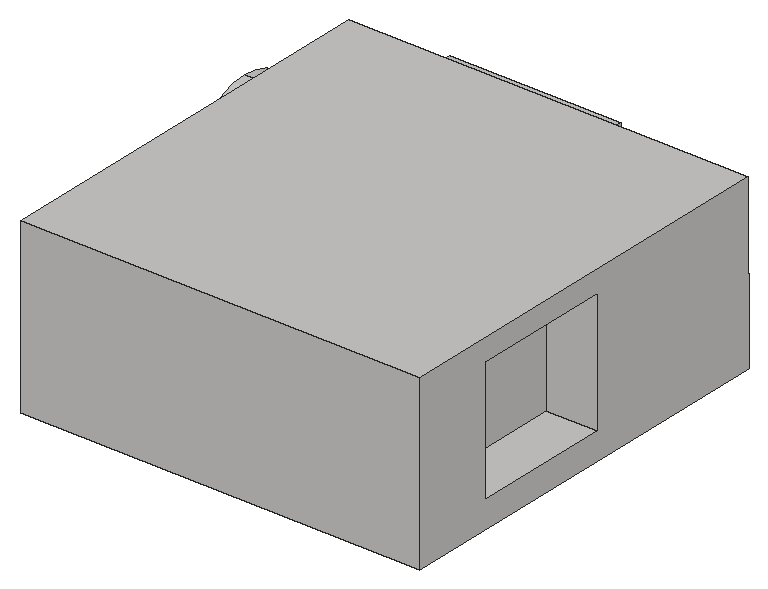
Revit family
Parameters
  Width = 4' - 0 1/8"
  Voltage = 120 V
  Unit Weight = "225.0 lbs"
  UltraLoc Liner = Choose Liner Option = 3  # no
  URL = "http://www.titus-hvac.com/"
  UL = "181"
  Supply Air Flow [instance] = 0 CFM
  SteriLoc Liner = Choose Liner Option = 2  # no
  Primary Air Pressure Drop [instance] = 0.00 in-wg
  Primary Air Flow [instance] = 0 CFM
  Plenum Air Pressure Drop [instance] = 0.00 in-wg
  Plenum Air Flow [instance] = 0 CFM
  Outlet Width = 1' - 4 1/2"
  Outlet Vertical Offset = 0' - 1 1/8"
  Outlet Horizontal Offset = 0' - 1 3/8"
  Outlet Height = 1' - 2 1/2"
  Number of Poles = 1
  Nominal Width = Width + 0' 6 1/4"  # 4' - 6 3/8"
  Nominal Length = Length + 0' 3 3/8"  # 4' - 2 1/4"
  Nominal Inlet Size = 1' - 4"
  Nominal Height = 1' - 8 1/8"
  NFPA = "90A"
  Motor Full Load Amps = 13.4 A
  Model = "DTQS"
  Min. Air Flow = 0 CFM
  Max. Air Flow = 0 CFM
  Material = Galvanized Steel
  Manufacturer = "Titus"
  Length = 3' - 10 7/8"
  Juction Box Offset = 0' - 6 7/8"
  Inlet Diameter = Nominal Inlet Size - 0' 0 1/8"  # 1' - 3 7/8"
  Induced offset = 0' - 1 1/4"
  Induced Air Inlet Offset = 0' - 4 1/2"
  Induced Air Inlet Width = 1' - 9"
  Induced Air Inlet Height = 1' - 5 1/2"
  Induced Air Filter = no
  Heating Total Capacity [instance] = 0 Btu/h
  Half Outlet Connection Width = Outlet Width / 2  # 0' - 8 1/4"
  Half Outlet Connection Height = Outlet Height / 2  # 0' - 7 1/4"
  Half Height Start = -(Nominal Height / 2)  # -0' - 10 1/16"
  Half Height End = Nominal Height / 2  # 0' - 10 1/16"
  HP-Motor = "3/4"
  Frequency = 60 Hz
  Filter Size = "27\"x20\""
  Fiber Free Liner = Choose Liner Option = 1  # no
  Fan Disconnect Switch = no
  Duct Radius = Nominal Inlet Size / 2  # 0' - 8"
  Description = "Series Fan Powered Terminal Unit, Direct Digital Control, Pressure Independent"
  Connection Void Radius = Connection Radius - 0' 0 1/4"  # 0' - 7 11/16"
  Connection Radius = Inlet Diameter / 2  # 0' - 7 15/16"
  Choose Liner Option = 0
  CADworks URL = "www.CADworks.net"
  Assembly Code = "D3040100"
  Apparent Power = Voltage * Motor Full Load Amps  # 1608 VA
  Air Inlet Offset = 0' - 11"
  1/2" Fiberglass Liner = Choose Liner Option = 0  # yes
Reference planes (in)
  plane 1 "Center (Front/Back)": y = 0
  plane 2: z = 0
  plane 3 "Center (Left/Right)": x = 3
  plane 4: x = -20.4375
  plane 5: x = 26.4375
  plane 6: x = -13.5625
  plane 7: x = -23.8125
  plane 8 "Center (Elevation)": z = 0
  plane 9: y = -24.0625
  plane 10: y = 24.0625
  plane 11: y = 13.0625
  plane 12: y = -19.5625
  plane 13: x = 20.4375
  plane 14: y = 30.3125
  plane 15: z = 10.0625
  plane 16: z = -10.0625
Forms (in)
  Extrusion 1, solid, material "Galvanized Steel" <- "Material"
    sketch origin (0, 0, 52) x (1, 0, 0) y (0, 1, 0)
      loop
        line (-20.4375, 24.0625) -> (-20.4375, -24.0625) -> (26.4375, -24.0625) -> (26.4375, 24.0625) -> (-20.4375, 24.0625)
    from -62.0625 <- "Half Height Start" to -41.9375 <- "Half Height End"
  Extrusion 2, solid, material "Galvanized Steel" <- "Material"
    sketch origin (5.0625, 0, -6) x (1, 0, 0) y (0, 1, 0)
      loop
        line (-18.625, 24.0625) -> (1.375, 24.0625) -> (1.375, 30.3125) -> (-18.625, 30.3125) -> (-18.625, 24.0625)
    from 0 to 12
  Extrusion 3, void
    sketch origin (26.4375, 24.0625, 53.125) x (0, 1, 0) y (0, 0, -1)
      loop
        line (-22.125, 45.5625) -> (-22.125, 60.0625) -> (-38.625, 60.0625) -> (-38.625, 45.5625) -> (-22.125, 45.5625)
    from 0 to 6
  Extrusion 4, solid, material "Galvanized Steel" <- "Material"
    sketch origin (-24.875, 0.5625, 0) x (0, 0, -1) y (0, 1, 0)
      loop
        circle (0, 12.5) r 7.9375
    from 1.0625 to 4.4375
  Extrusion 5, void
    sketch origin (-24.875, 0, 0) x (0, 1, 0) y (0, 0, 1)
      loop
        circle (13.0625, 0) r 7.6875
    from 1.0625 to 11.3125
  Extrusion 6, void
    sketch origin (-20.4375, -24.0625, 52) x (0, -1, 0) y (0, 0, -1)
      loop
        line (-25.5, 43.3125) -> (-4.5, 43.3125) -> (-4.5, 60.8125) -> (-25.5, 60.8125) -> (-25.5, 43.3125)
    from 0 to 6.875
Cuts and joins
  Extrusion 3, Extrusion 5, Extrusion 6 cuts Extrusion 1
  Extrusion 5 cuts Extrusion 4
Dimensions and locks (in)
  "Length": plane 5 to plane 4
  equal spacing: plane 5, plane 3 "Center (Left/Right)", plane 4
  locked: Extrusion 2 to plane 6 at 0
  locked: Extrusion 2 to Extrusion 2 at 20
  "Juction Box Offset": plane 6 to plane 4
  "Outlet Height": Extrusion 3 sketch curve to Extrusion 3 sketch curve
  "Outlet Width": Extrusion 3 sketch curve to Extrusion 3 sketch curve
  locked: plane 4 to plane 7 at 3.375
  "Width": plane 9 to plane 10
  equal spacing: plane 9, plane 1 "Center (Front/Back)", plane 10
  locked: Extrusion 4 sketch curve to level at 0
  locked: Extrusion 4 sketch curve to plane 11 at 0
  locked: Extrusion 5 sketch curve to level at 0
  locked: Extrusion 5 sketch curve to plane 11 at 0
  locked: Extrusion 2 to Extrusion 2 at 6.25
  "Air Inlet Offset": plane 10 to plane 11
  locked: Extrusion 2 to plane 10 at 0
  locked: cut or joined group of Extrusion 4, Extrusion 5 to plane 7 at 0
  locked: cut or joined group of Extrusion 4, Extrusion 5 to cut or joined group of Extrusion 4, Extrusion 5 at 3.375
  "Induced Air Inlet Offset": plane 9 to plane 12
  "Induced Air Inlet Width": Extrusion 6 sketch curve to Extrusion 6 sketch curve
  "Induced Air Inlet Height": Extrusion 6 sketch curve to Extrusion 6 sketch curve
  "Induced Air Inlet Offset": Extrusion 6 sketch curve to plane 9
  locked: plane 9 to Extrusion 3 sketch curve at 9.5
  cut or joined group of Extrusion 1, Extrusion 3, Extrusion 5, Extrusion 6 to Extrusion 3 sketch curve = 0' - 3 1/8"
  locked: Extrusion 2 to Extrusion 2 at 12
  equal spacing: Extrusion 2, level, Extrusion 2
  locked: cut or joined group of Extrusion 1, Extrusion 3, Extrusion 5, Extrusion 6 to cut or joined group of Extrusion 1, Extrusion 3, Extrusion 5, Extrusion 6 at 20.125
  equal spacing: cut or joined group of Extrusion 1, Extrusion 3, Extrusion 5, Extrusion 6, level, cut or joined group of Extrusion 1, Extrusion 3, Extrusion 5, Extrusion 6
  "Induced offset": Extrusion 6 sketch curve to cut or joined group of Extrusion 1, Extrusion 3, Extrusion 5, Extrusion 6
  "Connection Radius": radius of Extrusion 4 sketch curve
  "Connection Void Radius": radius of Extrusion 5 sketch curve
  aligned and locked: plane 6 to Extrusion 6
  aligned and locked: Extrusion 3 to plane 13
  aligned and locked: plane 5 to cut or joined group of Extrusion 1, Extrusion 3, Extrusion 5, Extrusion 6
  aligned and locked: cut or joined group of Extrusion 1, Extrusion 3, Extrusion 5, Extrusion 6 to plane 4
  aligned and locked: cut or joined group of Extrusion 1, Extrusion 3, Extrusion 5, Extrusion 6 to plane 10
  aligned and locked: plane 9 to cut or joined group of Extrusion 1, Extrusion 3, Extrusion 5, Extrusion 6
  aligned and locked: Extrusion 1 to Extrusion 6
  aligned and locked: Extrusion 5 to plane 7
  aligned and locked: plane 6 to Extrusion 5
Automatic sketch dimensions
  Extrusion 1 sketch curve to plane 4 = 0' - 0"
  plane 5 to Extrusion 1 sketch curve = 0' - 0"
  Extrusion 1 sketch curve to plane 9 = 0' - 0"
  Extrusion 1 sketch curve to plane 10 = 0' - 0"
  Extrusion 2 sketch curve to plane 6 = 0' - 0"
  Extrusion 2 sketch curve to plane 10 = 0' - 0"
  plane 3 "Center (Left/Right)" to Extrusion 2 sketch curve = 0' - 3 7/16"
  Extrusion 2 sketch curve to plane 10 = 0' - 6 1/4"
Connectors (in)
  electrical at (-3.5625, 30.3125, 0), driven by "Apparent Power", driven by "Voltage", driven by "Number of Poles"
    settings: on Extrusion 2, index 8
  hvac at (-23.8125, 13.0625, 0), driven by "Primary Air Flow", driven by "Duct Radius", driven by "Primary Air Pressure Drop"
    settings: on cut or joined group of Extrusion 4, Extrusion 5, index 9
  hvac at (-20.4375, -9.0625, -0.0625), driven by "Induced Air Inlet Height", driven by "Induced Air Inlet Width", driven by "Plenum Air Pressure Drop", driven by "Plenum Air Flow"
    settings: on cut or joined group of Extrusion 1, Extrusion 3, Extrusion 5, Extrusion 6, index 12
  hvac at (26.4375, -6.3125, 0.3125), driven by "Supply Air Flow", driven by "Outlet Width", driven by "Outlet Height"
    settings: on cut or joined group of Extrusion 1, Extrusion 3, Extrusion 5, Extrusion 6, index 13
